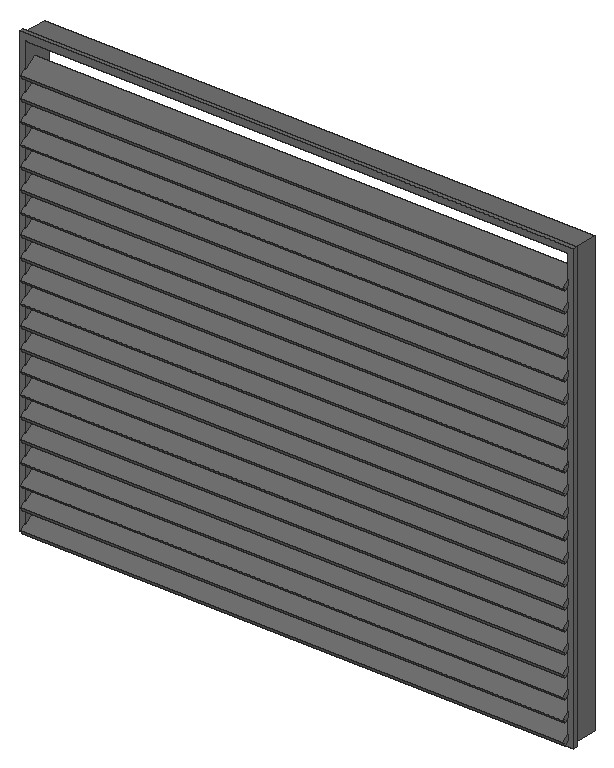
Revit family "АВЛН_Решетка для витража (с толщиной витража)", category Окна, Revit 2019
Family settings
  Всегда вертикально = Да
  При загрузке вырезать с полостями = Нет
  Общий = Нет
  Точка расчета площади = Нет
Parameters (values of type "Решетка вентиляционная")
  Ширина планки = 5 mm
  Ширина [instance] = 1350 mm
  Шаг решетки = 50 mm
  Толщина импоста = 20 mm
  Половина толщины импоста = Толщина импоста / 2  # 10 mm
  Направление вниз = yes
  Направление вверх = not(Направление вниз)  # no
  Материал профиля = RAL 7024
  Материал ламели = RAL 7024
  Группа модели = "Вставка в витраж"
  Высота решетки [instance] = Высота  # 1089.602 mm
  Высота нижнего бруса [instance] = 0 mm
  Высота [instance] = 1089.602 mm
  Аналитическая конструкция = "<Нет>"
  Assembly Code = ""
Types (2, lengths in mm): name | Ширина планки | Толщина импоста | Половина толщины импоста | Материал профиля | Материал ламели | Группа модели
  Решетка вентиляционная | 5 | 20 | 10 | RAL 7024 | RAL 7024 | "Вставка в витраж"
  Решетка вентиляционная 1 | 80 | 10 | 5 | none | none | "Отверстие в витраже"
Reference planes
  plane 1 "Center (Front/Back": y = 0
  plane 2: z = 0
  plane 3 "Center (Left/Right)": x = 457.523
  plane 4 "Left": x = -217.477
  plane 5 "Right": x = 1132.523
  plane 6 "Top": z = 1089.602
  plane 7 "Размещение решетки": y = -10
Text (mm)
  text "Exterio" at (-1422.424, 797.241, 0), in view "Base Line"
Dimensions and locks
  equal spacing: plane 4 "Left", plane 3 "Center (Left/Right)", plane 5 "Right"
  "Ширина": plane 4 "Left" to plane 5 "Right"
  "Высота": plane 6 "Top" to plane 2
  "Половина толщины импоста": plane 7 "Размещение решетки" to plane 1 "Center (Front/Back"
  "Высота нижнего бруса": nested 1 to level
  aligned and locked: nested 1 to plane 3 "Center (Left/Right)"
  aligned and locked: nested 1 to plane 4 "Left"
  aligned and locked: nested 1 to plane 5 "Right"
  aligned and locked: nested 1 to plane 2
  aligned and locked: nested 2 to plane 4 "Left"
  aligned and locked: plane 5 "Right" to nested 2
  aligned and locked: plane 2 to nested 2
Nested families
  nested 1: "Решетка для отверстия" at (457.523, -10, 544.801) x (-1, 0, 0) z (0, -1, 0), Ширина <- "Ширина", Высота <- "Высота решетки", visible <- "Направление вниз", type "Решетка для отверстия"
    with Ширина минус 20мм 1330 mm, Ширина 1350 mm, Количество 21, Высота 1089.602 mm
  nested 2: "Решетка для отверстия" at (457.523, -10, 544.801) x (1, 0, 0) z (0, -1, 0), Ширина <- "Ширина", Высота <- "Высота решетки", visible <- "Направление вверх", type "Решетка для отверстия"
    with Ширина минус 20мм 1330 mm, Ширина 1350 mm, Количество 21, Высота 1089.602 mm
Definition of nested family "Решетка для отверстия"
  Parameters (values of type "Решетка для отверстия")
    Ширина планки = 5 mm
    Ширина минус 20мм [instance] = Ширина - 20 mm  # 1260 mm
    Ширина [instance] = 1280 mm
    Шаг решетки = 50 mm
    Default Elevation = 1219.2 mm
    Материал профиля = none
    Материал ламели = none
    Количество [instance] = rounddown(Высота / Шаг решетки)  # 20
    Высота [instance] = 1033.943 mm
  Reference planes
    plane 1 "По центру (Вперед/Назад)": y = 0
    plane 2: z = 0
    plane 3 "По центру (Влево/Вправо)": x = 0
    plane 4: x = -640
    plane 5: y = 516.971
    plane 6: x = 640
    plane 7: y = -516.971
    plane 8: y = -466.971
    plane 9: x = 680.823
    plane 10: x = -645
  Forms (mm)
    Extrusion 1, solid
      sketch origin (0, 0, 0) x (1, 0, 0) y (0, 1, 0)
        loop
          line (-1219.2, 1219.2) -> (-1219.2, -1219.2) -> (1219.2, -1219.2) -> (1219.2, 1219.2) -> (-1219.2, 1219.2)
      from 0 to -304.8
    Sweep 2, solid, material <- "Материал профиля"
      path origin (0, 0, 0) x (1, 0, 0) y (0, 1, 0)
        loop
          line (-640, 516.971) -> (-640, -516.971) -> (640, -516.971) -> (640, 516.971) -> (-640, 516.971)
      profile origin (-640, 0, 0) x (1, 0, 0) y (0, 0, 1)
        loop
          line (0, 0) -> (0, -60) -> (10, -60) -> (10, 0) -> (10, 10) -> (-5, 10) -> (-5, 0) -> (0, 0)
  Dimensions and locks
    equal spacing: plane 7, plane 1 "По центру (Вперед/Назад)", plane 5
    equal spacing: plane 4, plane 3 "По центру (Влево/Вправо)", plane 6
    "Высота": plane 5 to plane 7
    "Ширина": plane 4 to plane 6
    "Шаг решетки": plane 8 to plane 7
    equal spacing: group 1, group 2, group 3, group 4, group 5, group 6, group 7, group 8, group 9, group 10, group 11, group 12, group 13, group 14, group 15, group 16, group 17, group 18, group 19, group 20  (x3)
    "Ширина планки": plane 4 to plane 10
    aligned and locked: plane 2 to Extrusion 1
    aligned and locked: level to Extrusion 1
    aligned and locked: Sweep 2 sketch curve to plane 4
    aligned and locked: plane 5 to Sweep 2 sketch curve
    aligned and locked: plane 6 to Sweep 2 sketch curve
    aligned and locked: Sweep 2 sketch curve to plane 7
    aligned and locked: plane 8 to nested 2
    aligned and locked: plane 7 to nested 1
    aligned and locked: Sweep 2 sketch curve to plane 10
    aligned and locked: nested 1 to plane 3 "По центру (Влево/Вправо)"
  Automatic sketch dimensions
    Extrusion 1 sketch curve to Extrusion 1 sketch curve = 2438.4 mm  (x2)
    Sweep 2 sketch curve to level = 0 mm  (x2)
    profile plane to Sweep 2 sketch curve = 0 mm
    level to Sweep 2 sketch curve = 10 mm
    Sweep 2 sketch curve to profile plane = 10 mm
    Sweep 2 sketch curve to level = 60 mm
  Nested families
    nested 1: "Элемент решетки (влож.)" at (0, -502.632, 0), Длина <- "Ширина минус 20мм", type "Элемент решетки (влож.)"
      with Длина 1260 mm
    nested 2: "Элемент решетки (влож.)" at (0, -452.632, 0), Длина <- "Ширина минус 20мм", type "Элемент решетки (влож.)"
      with Длина 1260 mm
    nested 3: "Элемент решетки (влож.)" at (0, -402.632, 0), Длина <- "Ширина минус 20мм", type "Элемент решетки (влож.)"
      with Длина 1260 mm
    nested 4: "Элемент решетки (влож.)" at (0, -352.632, 0), Длина <- "Ширина минус 20мм", type "Элемент решетки (влож.)"
      with Длина 1260 mm
    nested 5: "Элемент решетки (влож.)" at (0, -302.632, 0), Длина <- "Ширина минус 20мм", type "Элемент решетки (влож.)"
      with Длина 1260 mm
    nested 6: "Элемент решетки (влож.)" at (0, -252.632, 0), Длина <- "Ширина минус 20мм", type "Элемент решетки (влож.)"
      with Длина 1260 mm
    nested 7: "Элемент решетки (влож.)" at (0, -202.632, 0), Длина <- "Ширина минус 20мм", type "Элемент решетки (влож.)"
      with Длина 1260 mm
    nested 8: "Элемент решетки (влож.)" at (0, -152.632, 0), Длина <- "Ширина минус 20мм", type "Элемент решетки (влож.)"
      with Длина 1260 mm
    nested 9: "Элемент решетки (влож.)" at (0, -102.632, 0), Длина <- "Ширина минус 20мм", type "Элемент решетки (влож.)"
      with Длина 1260 mm
    nested 10: "Элемент решетки (влож.)" at (0, -52.632, 0), Длина <- "Ширина минус 20мм", type "Элемент решетки (влож.)"
      with Длина 1260 mm
    nested 11: "Элемент решетки (влож.)" at (0, -2.632, 0), Длина <- "Ширина минус 20мм", type "Элемент решетки (влож.)"
      with Длина 1260 mm
    nested 12: "Элемент решетки (влож.)" at (0, 47.368, 0), Длина <- "Ширина минус 20мм", type "Элемент решетки (влож.)"
      with Длина 1260 mm
    nested 13: "Элемент решетки (влож.)" at (0, 97.368, 0), Длина <- "Ширина минус 20мм", type "Элемент решетки (влож.)"
      with Длина 1260 mm
    nested 14: "Элемент решетки (влож.)" at (0, 147.368, 0), Длина <- "Ширина минус 20мм", type "Элемент решетки (влож.)"
      with Длина 1260 mm
    nested 15: "Элемент решетки (влож.)" at (0, 197.368, 0), Длина <- "Ширина минус 20мм", type "Элемент решетки (влож.)"
      with Длина 1260 mm
    nested 16: "Элемент решетки (влож.)" at (0, 247.368, 0), Длина <- "Ширина минус 20мм", type "Элемент решетки (влож.)"
      with Длина 1260 mm
    nested 17: "Элемент решетки (влож.)" at (0, 297.368, 0), Длина <- "Ширина минус 20мм", type "Элемент решетки (влож.)"
      with Длина 1260 mm
    nested 18: "Элемент решетки (влож.)" at (0, 347.368, 0), Длина <- "Ширина минус 20мм", type "Элемент решетки (влож.)"
      with Длина 1260 mm
    nested 19: "Элемент решетки (влож.)" at (0, 397.368, 0), Длина <- "Ширина минус 20мм", type "Элемент решетки (влож.)"
      with Длина 1260 mm
    nested 20: "Элемент решетки (влож.)" at (0, 447.368, 0), Длина <- "Ширина минус 20мм", type "Элемент решетки (влож.)"
      with Длина 1260 mm
  Definition of nested family "Элемент решетки (влож.)"
    Parameters (values of type "Элемент решетки (влож.)")
      Материал ламели = none
      Длина [instance] = 500 mm
    Reference planes
      plane 1 "По центру (Вперед/Назад)": y = 0
      plane 2: z = 0
      plane 3 "По центру (Влево/Вправо)": x = 0
      plane 4: x = -250
      plane 5: x = 250
    Forms (mm)
      Sweep 1, solid, material <- "Материал ламели"
        path origin (0, 0, 0) x (1, 0, 0) y (0, 1, 0)
          loop
            line (-250, 0) -> (250, 0)
        profile origin (0, 0, 0) x (0, 1, 0) y (0, 0, 1)
          loop
            line (0, 0) -> (14.339, 20.479) -> (6.148, 26.215) -> (-22.531, -14.743) -> (-14.339, -20.479) -> (0, 0)
    Dimensions and locks
      equal spacing: plane 4, plane 3 "По центру (Влево/Вправо)", plane 5
      "Длина": plane 4 to plane 5
      aligned and locked: level to plane 2
      aligned and locked: plane 4 to Sweep 1 sketch curve
      aligned and locked: plane 5 to Sweep 1 sketch curve
      aligned and locked: plane 1 "По центру (Вперед/Назад)" to Sweep 1 sketch curve
    Automatic sketch dimensions
      Sweep 1 sketch curve to level = 0 mm
      Sweep 1 sketch curve to profile plane = 0 mm
      profile plane to Sweep 1 sketch curve = 14.339 mm
      Sweep 1 sketch curve to level = 14.743 mm
      Sweep 1 sketch curve to Sweep 1 sketch curve = 8.192 mm
      Sweep 1 sketch curve to profile plane = 6.148 mm
